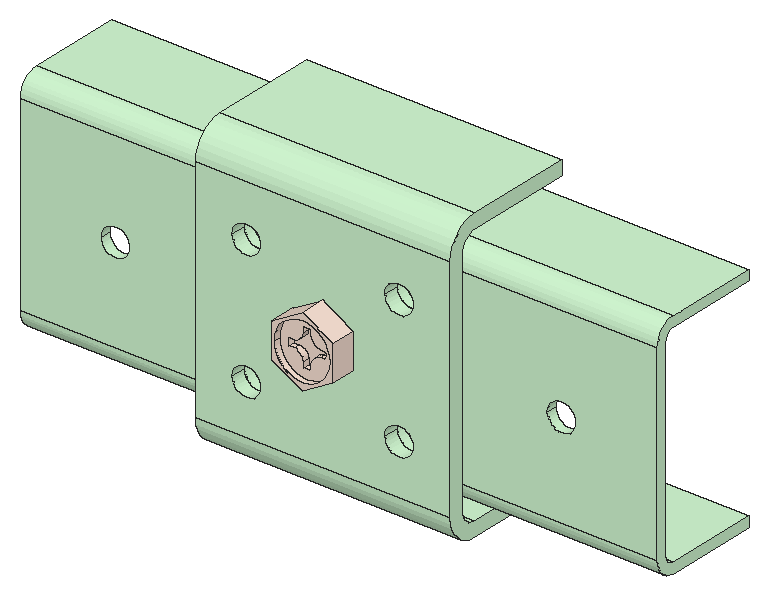
Revit family "C40用Powerジョイント", category 機械設備, Revit 2020
Family settings
  丸型コネクタ寸法 = 直径を使用
  種別 = なし
  パーツ タイプ = 標準
  作業面ベース = いいえ
  常に垂直 = はい
  ロード時にボイドで切り取り = いいえ
  共有 = いいえ
  部屋計算ポイント = いいえ
Parameters
  製造元 = "株式会社桐井製作所"
  既定の高さ = 0 mm
  URL = "https://www.kirii.co.jp/"
  K_品名 = "C40用Powerジョイント"
  K_名称 = "特殊ジョイント"
  K_入数 = "100"
  K_バージョン情報 = "20210714"
Reference planes
  plane 1 "中心(正面/背面)": y = 0
  plane 2: z = 1.6
  plane 3 "中心(左/右)": x = 0
  plane 4: x = 50
  plane 5: x = -50
Forms (mm)
  Extrusion 1, solid
    sketch origin (-11.778, 1.6, 0) x (0, 1, 0) y (0, 0, 1)
      loop
        line (17.1, 18.15) -> (17.1, 19.75) -> (2.4, 19.75)
        arc (2.4, 19.75) -> (0.137, 18.813) -> (-0.8, 16.55) r 3.2
        line (-0.8, 16.55) -> (-0.8, -13.35)
        arc (-0.8, -13.35) -> (0.137, -15.613) -> (2.4, -16.55) r 3.2
        line (2.4, -16.55) -> (17.1, -16.55) -> (17.1, -14.95) -> (2.4, -14.95)
        arc (2.4, -14.95) -> (1.269, -14.481) -> (0.8, -13.35) r 1.6
        line (0.8, -13.35) -> (0.8, 16.55)
        arc (0.8, 16.55) -> (1.269, 17.681) -> (2.4, 18.15) r 1.6
        line (2.4, 18.15) -> (17.1, 18.15)
    from -38.222 to 61.778
  Extrusion 2, solid
    sketch origin (0, 0, 1.5) x (0, 1, 0) y (0, 0, 1)
      loop
        arc (2.5, 22.8) -> (-0.894, 21.394) -> (-2.3, 18) r 4.8
        line (-2.3, 18) -> (-2.3, -18)
        arc (-2.3, -18) -> (-0.894, -21.394) -> (2.5, -22.8) r 4.8
        line (2.5, -22.8) -> (19.5, -22.8) -> (19.5, -20.5) -> (2.5, -20.5)
        arc (2.5, -20.5) -> (0.732, -19.768) -> (0, -18) r 2.5
        line (0, -18) -> (0, 18)
        arc (0, 18) -> (0.732, 19.768) -> (2.5, 20.5) r 2.5
        line (2.5, 20.5) -> (19.5, 20.5) -> (19.5, 22.8) -> (2.5, 22.8)
    from -20 to 20
  Extrusion 3, void
    sketch origin (0, 0, 0) x (1, 0, 0) y (0, 0, 1)
      loop
        circle (0, 1.6) r 3
    from -2.4 to -0.8
  Extrusion 4, void
    sketch origin (0, 0, 1.6) x (1, 0, 0) y (0, 0, 1)
      loop
        circle (12, 9.832) r 2.25
      loop
        circle (12, -10.168) r 2.25
      loop
        circle (-12, -10.168) r 2.25
      loop
        circle (-12, 9.832) r 2.25
    from 0 to 2.3
  Extrusion 5, void
    sketch origin (0, 0, 1.6) x (1, 0, 0) y (0, 0, 1)
      loop
        circle (0, 0) r 3.5
    from 0 to 2.3
  Extrusion 6, void
    sketch origin (0, 0, 1.6) x (1, 0, 0) y (0, 0, 1)
      loop
        circle (-12, 9.832) r 3
      loop
        circle (12, 9.832) r 3
      loop
        circle (12, -10.168) r 3
      loop
        circle (-12, -10.168) r 3
    from -2.4 to -0.8
  Extrusion 7, void
    sketch origin (0, 0, 0) x (1, 0, 0) y (0, 0, 1)
      loop
        circle (-35, 1.6) r 2.25
      loop
        circle (35, 1.6) r 2.25
    from -2.4 to -0.8
  Extrusion 8, solid
    sketch origin (0, 0.8, 1.6) x (1, 0, 0) y (0, 0, 1)
      loop
        circle (0, 0) r 4
      loop
        circle (0, 0) r 3
    from -2.4 to -1.6
Cuts and joins
  Extrusion 3, Extrusion 6, Extrusion 7 cuts Extrusion 1
  Extrusion 4, Extrusion 5 cuts Extrusion 2
Dimensions and locks
  aligned and locked: level to plane 2
Nested families
  nested 1: "M6×20ボルト" at (0.011, -2.355, 1.834), type "M6×20ボルト"
Definition of nested family "M6×20ボルト"
  Parameters (values of type "M6×20ボルト")
    Manufacturer = "株式会社桐井製作所"
    Default Elevation = 0 mm
    URL = "https://www.kirii.co.jp/"
    K_材料規格 = "M6×L20"
    K_品名 = "M6×20ボルト"
    K_名称 = "ボルト"
  Reference planes
    plane 1 "中心(正面/背面)": y = 0
    plane 2: z = 0
    plane 3 "中心(左/右)": x = 0
    plane 4 "正面": y = -4
  Forms (mm)
    Extrusion 1, solid
      sketch origin (0, 0, 0) x (1, 0, 0) y (0, 0, 1)
        loop
          line (-4.763, -2.946) -> (0, -5.696) -> (4.763, -2.946) -> (4.763, 2.554) -> (0, 5.304) -> (-4.763, 2.554) -> (-4.763, -2.946)
      from 0 to 4
    Extrusion 2, void
      sketch origin (0, -4, 0) x (-1, 0, 0) y (0, 0, 1)
        loop
          circle (0, -0.156) r 4.396
      from 0 to 1
    Extrusion 3, void
      sketch origin (0, -4, 0) x (-1, 0, 0) y (0, 0, 1)
        loop
          arc (-0.6, 1.814) -> (-1.069, 0.856) -> (-2.036, 0.404) r 1.605
          line (-2.036, 0.404) -> (-2.939, 0.404)
          arc (-2.939, 0.404) -> (-3, -0.195) -> (-2.94, -0.795) r 3
          line (-2.94, -0.795) -> (-2.049, -0.795)
          arc (-2.049, -0.795) -> (-1.074, -1.243) -> (-0.6, -2.206) r 1.605
          line (-0.6, -2.206) -> (-0.6, -3.135)
          arc (-0.6, -3.135) -> (0, -3.196) -> (0.6, -3.135) r 3
          line (0.6, -3.135) -> (0.6, -2.206)
          arc (0.6, -2.206) -> (1.074, -1.243) -> (2.049, -0.795) r 1.605
          line (2.049, -0.795) -> (2.94, -0.795)
          arc (2.94, -0.795) -> (3, -0.198) -> (2.941, 0.398) r 3
          line (2.941, 0.398) -> (2.117, 0.398)
          arc (2.117, 0.398) -> (1.098, 0.828) -> (0.6, 1.814) r 1.605
          line (0.6, 1.814) -> (0.6, 2.743)
          arc (0.6, 2.743) -> (0, 2.804) -> (-0.6, 2.743) r 3
          line (-0.6, 2.743) -> (-0.6, 1.814)
      from 0 to 2
    Extrusion 4, solid
      sketch origin (0, 0, 0) x (1, 0, 0) y (0, 0, 1)
        loop
          circle (-0.011, -0.2) r 3
      from 0 to -20
  Cuts and joins
    Extrusion 2, Extrusion 3 cuts Extrusion 1
    joined: Extrusion 1, Extrusion 4
  Dimensions and locks
    aligned and locked: level to plane 2
